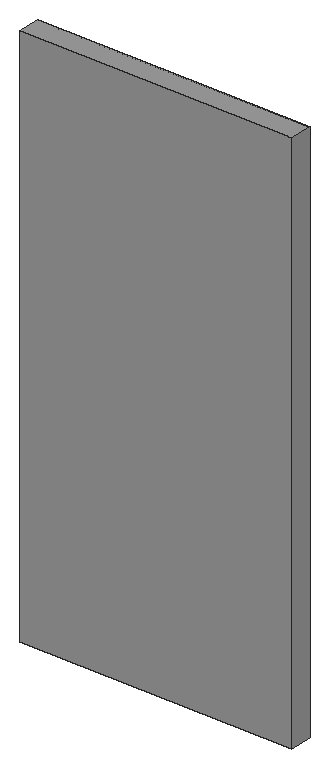
Revit family "WD-Panel_T2", category Generic Models, host Wall, Revit 2011
Parameters (values of type "3'x6'")
  Width = 35 1/4"
  URL = "http://www.wengercorp.com/Home/Contact.html"
  Type Comments = "Curved Type 2"
  Thickness = 2 7/8"
  Part Number = "161F125"
  Manufacturer = "Wenger Corporation"
  Keynote = "Acoustic Wall Diffuser Panel"
  Height from GL = 24"
  Height = 71"
  Description = "Acoustic Panel"
  Assembly Code = ""
  2nd Thickness = 2 7/8"
Types (3): name | Width | Height
  3'x6' | 35 1/4" | 71"
  4'x6' | 47" | 71"
  4'x8' | 47" | 95"
Reference planes (in)
  plane 1: y = 0
  plane 2 "Center (Left/Right)": x = 0
  plane 3 "Wall Edge": y = 3
  plane 4 "Bottom": z = 24
  plane 5 "Top": z = 95
  plane 6 "Center (Top/Bottom)": z = 59.5
  plane 7 "Left Side": x = -17.625
  plane 8 "Right Side": x = 17.625
  plane 9 "RS-IS": x = 10.34395
  plane 10 "LS-IS": x = -10.34395
  plane 11 "Front": y = 8.75
  plane 12 "Middle Thickness": y = 5.875
Forms (in)
  Extrusion 1, solid, material "Default"
    sketch origin (0, 3, 0) x (1, 0, 0) y (0, 0, 1)
      loop
        line (17.625, 95) -> (-17.625, 95) -> (-17.625, 24) -> (17.625, 24) -> (17.625, 95)
    from 0 to -2.875
  Extrusion 2, solid, material "Default"
    sketch origin (0, 5.875, 0) x (1, 0, 0) y (0, 0, 1)
      loop
        line (17.625, 95) -> (-17.625, 95) -> (-17.625, 24) -> (17.625, 24) -> (17.625, 95)
    from 0 to -2.875
  Extrusion 3, void
    sketch origin (0, 0, 24) x (1, 0, 0) y (0, 1, 0)
      loop
        line (-17.625, 5.875) -> (-10.34378, 10.25) -> (-17.625, 10.25) -> (-17.625, 5.875)
    from 0 to 71 <- "Height"
  Extrusion 4, void
    sketch origin (0, 0, 24) x (-1, 0, 0) y (0, -1, 0)
      loop
        line (-17.625, -5.875) -> (-17.625, -10.25) -> (-10.34378, -10.25) -> (-17.625, -5.875)
    from 0 to 71 <- "Height"
  Extrusion 5, void
    sketch origin (17.625, 0, 0) x (0, 0, 1) y (0, 1, 0)
      loop
        line (95, 5.875) -> (95, 8.75) -> (59.5, 8.75)
        arc (59.5, 8.75) -> (77.30811, 8.03008) -> (95, 5.875) r 220.61141
    from 0 to 35.25 <- "Width"
  Extrusion 6, void
    sketch origin (17.625, 0, 0) x (0, 0, 1) y (0, 1, 0)
      loop
        arc (24, 5.875) -> (41.69189, 8.03008) -> (59.5, 8.75) r 220.61141
        line (59.5, 8.75) -> (24, 8.75) -> (24, 5.875)
    from 0 to 35.25 <- "Width"
Cuts and joins
  Extrusion 3, Extrusion 4, Extrusion 5, Extrusion 6 cuts Extrusion 1
  Extrusion 3, Extrusion 4, Extrusion 5, Extrusion 6 cuts Extrusion 2
Text (in)
  text "Placement Side" at (0, 40.15149, 123.01588), in view "Right"
  text "Placement Side" at (-144.65338, 28.46503, 0), in view "Ref. Level"
  text "Placement Side" at (0, 81.62555, 140.59947), in view "Left"
Dimensions and locks (in)
  locked: plane 3 "Wall Edge" to host wall
  "Height": plane 4 "Bottom" to plane 5 "Top"
  equal spacing: plane 4 "Bottom", plane 6 "Center (Top/Bottom)", plane 5 "Top"
  "Width": plane 7 "Left Side" to plane 8 "Right Side"
  equal spacing: plane 7 "Left Side", plane 2 "Center (Left/Right)", plane 8 "Right Side"
  locked: plane 10 "LS-IS" to plane 7 "Left Side" at 7.28105
  locked: plane 9 "RS-IS" to plane 8 "Right Side" at 7.28105
  "Thickness": plane 3 "Wall Edge" to plane 12 "Middle Thickness"
  "2nd Thickness": plane 12 "Middle Thickness" to plane 11 "Front"
  aligned and locked: plane 5 "Top" to Extrusion 1 sketch curve
  aligned and locked: Extrusion 1 sketch curve to plane 8 "Right Side"
  aligned and locked: Extrusion 1 sketch curve to plane 4 "Bottom"
  aligned and locked: plane 7 "Left Side" to Extrusion 1 sketch curve
  aligned and locked: Extrusion 2 sketch curve to Extrusion 1  (x4)
  aligned and locked: plane 7 "Left Side" to Extrusion 3 sketch curve
  aligned and locked: plane 8 "Right Side" to Extrusion 4 sketch curve
  aligned and locked: Extrusion 5 sketch curve to plane 5 "Top"
  aligned and locked: Extrusion 5 sketch curve to plane 11 "Front"
  aligned and locked: Extrusion 6 sketch curve to plane 4 "Bottom"
  aligned and locked: plane 11 "Front" to Extrusion 6 sketch curve
Automatic sketch dimensions
  plane 10 "LS-IS" to Extrusion 3 sketch curve = 0.00017"
  Extrusion 4 sketch curve to plane 9 "RS-IS" = 0.00017"
  Extrusion 4 sketch curve to Extrusion 4 sketch curve = 4 3/8"
  Extrusion 5 sketch curve to plane 6 "Center (Top/Bottom)" = 0"
  Extrusion 6 sketch curve to plane 6 "Center (Top/Bottom)" = 0"
  host wall to Extrusion 3 sketch curve = 2 7/8"
  plane 11 "Front" to Extrusion 3 sketch curve = 1 1/2"
  Extrusion 4 sketch curve to host wall = 2 7/8"
  Extrusion 5 sketch curve to Extrusion 5 sketch curve = 2 7/8"
  Extrusion 6 sketch curve to Extrusion 6 sketch curve = 2 7/8"
